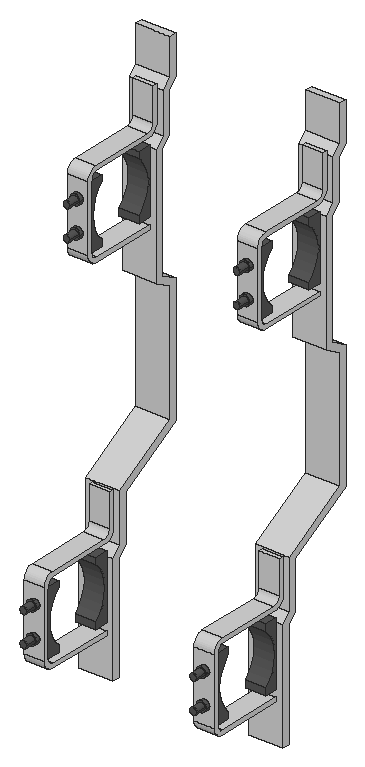
Revit family "VTc.IV130.N.0600", category Оборудование, Revit 2019
Family settings
  Размер круглого соединителя = Использовать диаметр
  Классификация = Нет
  Тип детали = Нормальный
  На основе рабочей плоскости = Да
  Всегда вертикально = Да
  При загрузке вырезать с полостями = Нет
  Общий = Нет
  Точка расчета площади = Нет
Parameters
  Пластик [instance] = Пластик
  Default Elevation = 1219.2 mm
  Изготовитель = "VALTEC"
  Группа модели = "Кронштейны для коллекторов"
  URL = "https://valtec.ru/"
  L [instance] = 100 mm
  ADSK_Позиция [instance] = ""
  ADSK_Обозначение [instance] = "VTc.IV130.N"  # constant formula
  ADSK_Наименование [instance] = "Кронштейны для коллекторов"  # constant formula
  ADSK_Материал [instance] = Нержавеющая сталь
  ADSK_Масса [instance] = 0
  ADSK_Код изделия [instance] = "VTc.IV130.N.0600"  # constant formula
  ADSK_Завод-изготовитель [instance] = Изготовитель  # "VALTEC"
  ADSK_Единица измерения [instance] = "шт."  # constant formula
  ADSK_URL страницы изделия [instance] = "https://valtec.ru/catalog/kollektornye_sistemy/komplektuyuschie_dlya_kollektorov/kronshtejny_dlya_kollektorov_vtciv130n.html"
  ADSK_URL документации изделия [instance] = "https://valtec.ru/document/technical/VTc.IV.130-0916.pdf"
Reference planes
  plane 1 "По центру (Вперед/Назад)": y = 0
  plane 2: z = 0
  plane 3 "По центру (Влево/Вправо)": x = 0
  plane 4: x = -40
  plane 5: x = -60
  plane 6: x = 40
  plane 7: x = 60
  plane 8: x = 50
  plane 9: x = -50
  plane 10: x = -56
  plane 11: x = -44
  plane 12: z = 96.5
  plane 13: z = -103.5
  plane 14: z = -121.5
  plane 15: z = 78.5
  plane 16: y = -61.5
  plane 17: y = -8
  plane 18: y = -2
  plane 19: y = -67.5
  plane 20: y = -93.598
  plane 21: y = -99.423
  plane 22: y = -40
  plane 23: y = -34
  plane 24: x = 56
  plane 25: x = 44
Forms (mm)
  Extrusion 1, solid, material "Нержавеющая сталь" <- "ADSK_Материал"
    sketch origin (0, 0, 0) x (0, 1, 0) y (0, 0, 1)
      loop
        line (0, 31.5) -> (-10, 37.274) -> (-10, 103.774) -> (-5, 108.774) -> (-5, 132.774) -> (0, 137.774) -> (0, 160.774) -> (-4, 160.774) -> (-4, 139.43) -> (-9, 134.43) -> (-9, 110.43) -> (-14, 105.43) -> (-14, 34.964) -> (-4, 29.191) -> (-4, -41.191) -> (-41, -62.553) -> (-41, -91.205) -> (-45.923, -96.129) -> (-45.923, -160.774) -> (-42, -160.774) -> (-42, -97.862) -> (-37, -92.862) -> (-37, -64.862) -> (0, -43.5) -> (0, 31.5)
    from -60 to -40
  Extrusion 2, solid, material "Нержавеющая сталь" <- "ADSK_Материал"
    sketch origin (0, 0, 0) x (0, 1, 0) y (0, 0, 1)
      loop
        line (-14, 62) -> (-14, 64.5) -> (-53, 64.5)
        arc (-53, 64.5) -> (-55.828, 65.672) -> (-57, 68.5) r 4
        line (-57, 68.5) -> (-57, 106.5)
        arc (-57, 106.5) -> (-55.828, 109.328) -> (-53, 110.5) r 4
        line (-53, 110.5) -> (-15, 110.5)
        arc (-15, 110.5) -> (-10.757, 112.257) -> (-9, 116.5) r 6
        line (-9, 116.5) -> (-9, 136.5) -> (-11.5, 136.5) -> (-11.5, 117)
        arc (-11.5, 117) -> (-12.672, 114.172) -> (-15.5, 113) r 4
        line (-15.5, 113) -> (-53.5, 113)
        arc (-53.5, 113) -> (-57.743, 111.243) -> (-59.5, 107) r 6
        line (-59.5, 107) -> (-59.5, 68)
        arc (-59.5, 68) -> (-57.743, 63.757) -> (-53.5, 62) r 6
        line (-53.5, 62) -> (-14, 62)
      loop
        line (-10, 64.507) -> (-10, 60.007) -> (-7.463, 60.007) -> (-7.463, 64.507) -> (-10, 64.507)
      loop
        line (-45.923, -138) -> (-45.923, -135.5) -> (-84.923, -135.5)
        arc (-84.923, -135.5) -> (-87.752, -134.328) -> (-88.923, -131.5) r 4
        line (-88.923, -131.5) -> (-88.923, -93.5)
        arc (-88.923, -93.5) -> (-87.752, -90.672) -> (-84.923, -89.5) r 4
        line (-84.923, -89.5) -> (-47, -89.5)
        arc (-47, -89.5) -> (-42.757, -87.743) -> (-41, -83.5) r 6
        line (-41, -83.5) -> (-41, -63.5) -> (-43.5, -63.5) -> (-43.5, -83)
        arc (-43.5, -83) -> (-44.672, -85.828) -> (-47.5, -87) r 4
        line (-47.5, -87) -> (-85.423, -87)
        arc (-85.423, -87) -> (-89.666, -88.757) -> (-91.423, -93) r 6
        line (-91.423, -93) -> (-91.423, -132)
        arc (-91.423, -132) -> (-89.666, -136.243) -> (-85.423, -138) r 6
        line (-85.423, -138) -> (-45.923, -138)
      loop
        line (-42, -135.5) -> (-42, -140) -> (-39.5, -140) -> (-39.5, -135.5) -> (-42, -135.5)
    from -56 to -44
  Extrusion 3, solid, material "Пластик" <- "Пластик"
    sketch origin (0, 0, 0) x (0, 1, 0) y (0, 0, 1)
      loop
        line (-14, 68.5) -> (-14, 106.5) -> (-21.683, 106.5) -> (-21.683, 102.644)
        arc (-21.683, 102.644) -> (-15, 87.5) -> (-21.683, 72.356) r 20.5
        line (-21.683, 72.356) -> (-21.683, 68.5) -> (-14, 68.5)
      loop
        line (-57, 68.5) -> (-49.317, 68.5) -> (-49.317, 72.356)
        arc (-49.317, 72.356) -> (-56, 87.5) -> (-49.317, 102.644) r 20.5
        line (-49.317, 102.644) -> (-49.317, 106.5) -> (-57, 106.5) -> (-57, 68.5)
      loop
        line (-45.923, -131.5) -> (-45.923, -93.5) -> (-53.607, -93.5) -> (-53.607, -97.588)
        arc (-53.607, -97.588) -> (-47.173, -112.5) -> (-53.607, -127.412) r 20.5
        line (-53.607, -127.412) -> (-53.607, -131.5) -> (-45.923, -131.5)
      loop
        line (-88.923, -131.5) -> (-81.24, -131.5) -> (-81.24, -127.644)
        arc (-81.24, -127.644) -> (-87.923, -112.5) -> (-81.24, -97.356) r 20.5
        line (-81.24, -97.356) -> (-81.24, -93.5) -> (-88.923, -93.5) -> (-88.923, -131.5)
    from -56 to -44
  Extrusion 4, solid, material "Пластик" <- "Пластик"
    sketch origin (0, 0, 0) x (1, 0, 0) y (0, 0, 1)
      loop
        circle (-50, 78.5) r 3
    from 59.5 to 61.5
  Extrusion 5, solid, material "Пластик" <- "Пластик"
    sketch origin (0, 0, 0) x (1, 0, 0) y (0, 0, 1)
      loop
        circle (-50, 78.5) r 1.984
    from 61.5 to 67.5
  Extrusion 6, solid, material "Пластик" <- "Пластик"
    sketch origin (0, 0, 0) x (1, 0, 0) y (0, 0, 1)
      loop
        circle (-50, 96.5) r 3.009
    from 59.5 to 61.5
  Extrusion 7, solid, material "Пластик" <- "Пластик"
    sketch origin (0, 0, 0) x (1, 0, 0) y (0, 0, 1)
      loop
        circle (-50, 96.5) r 2
    from 61.5 to 67.5
  Extrusion 8, solid, material "Пластик" <- "Пластик"
    sketch origin (0, 0, 0) x (1, 0, 0) y (0, 0, 1)
      loop
        circle (-50, 78.5) r 3
    from 8 to 10
  Extrusion 9, solid, material "Пластик" <- "Пластик"
    sketch origin (0, 0, 0) x (1, 0, 0) y (0, 0, 1)
      loop
        circle (-50, 78.5) r 1.984
    from 2 to 8
  Extrusion 10, solid, material "Пластик" <- "Пластик"
    sketch origin (0, 0, 0) x (1, 0, 0) y (0, 0, 1)
      loop
        circle (-50, 96.5) r 3.009
    from 8 to 10
  Extrusion 11, solid, material "Пластик" <- "Пластик"
    sketch origin (0, 0, 0) x (1, 0, 0) y (0, 0, 1)
      loop
        circle (-50, 96.5) r 2
    from 2 to 8
  Extrusion 12, solid, material "Пластик" <- "Пластик"
    sketch origin (0, 0, 0) x (1, 0, 0) y (0, 0, 1)
      loop
        circle (-50, -103.5) r 3
      loop
        circle (-50, -121.5) r 3
    from 91.423 to 93.598
  Extrusion 13, solid, material "Пластик" <- "Пластик"
    sketch origin (0, 0, 0) x (1, 0, 0) y (0, 0, 1)
      loop
        circle (-50, -103.5) r 2
      loop
        circle (-50, -121.5) r 2
    from 93.598 to 99.423
  Extrusion 14, solid, material "Пластик" <- "Пластик"
    sketch origin (0, 0, 0) x (1, 0, 0) y (0, 0, 1)
      loop
        circle (-50, -103.5) r 3
      loop
        circle (-50, -121.5) r 3
    from 40 to 42
  Extrusion 15, solid, material "Пластик" <- "Пластик"
    sketch origin (0, 0, 0) x (1, 0, 0) y (0, 0, 1)
      loop
        circle (-50, -103.5) r 2
      loop
        circle (-50, -121.5) r 2
    from 34 to 40
  Extrusion 16, solid, material "Нержавеющая сталь" <- "ADSK_Материал"
    sketch origin (0, 0, 0) x (0, 1, 0) y (0, 0, -1)
      loop
        line (0, -31.5) -> (0, 43.5) -> (-37, 64.862) -> (-37, 92.862) -> (-42, 97.862) -> (-42, 160.774) -> (-45.923, 160.774) -> (-45.923, 96.129) -> (-41, 91.205) -> (-41, 62.553) -> (-4, 41.191) -> (-4, -29.191) -> (-14, -34.964) -> (-14, -105.43) -> (-9, -110.43) -> (-9, -134.43) -> (-4, -139.43) -> (-4, -160.774) -> (0, -160.774) -> (0, -137.774) -> (-5, -132.774) -> (-5, -108.774) -> (-10, -103.774) -> (-10, -37.274) -> (0, -31.5)
    from -60 to -40
  Extrusion 17, solid, material "Нержавеющая сталь" <- "ADSK_Материал"
    sketch origin (0, 0, 0) x (0, 1, 0) y (0, 0, -1)
      loop
        line (-14, -62) -> (-53.5, -62)
        arc (-53.5, -62) -> (-57.743, -63.757) -> (-59.5, -68) r 6
        line (-59.5, -68) -> (-59.5, -107)
        arc (-59.5, -107) -> (-57.743, -111.243) -> (-53.5, -113) r 6
        line (-53.5, -113) -> (-15.5, -113)
        arc (-15.5, -113) -> (-12.672, -114.172) -> (-11.5, -117) r 4
        line (-11.5, -117) -> (-11.5, -136.5) -> (-9, -136.5) -> (-9, -116.5)
        arc (-9, -116.5) -> (-10.757, -112.257) -> (-15, -110.5) r 6
        line (-15, -110.5) -> (-53, -110.5)
        arc (-53, -110.5) -> (-55.828, -109.328) -> (-57, -106.5) r 4
        line (-57, -106.5) -> (-57, -68.5)
        arc (-57, -68.5) -> (-55.828, -65.672) -> (-53, -64.5) r 4
        line (-53, -64.5) -> (-14, -64.5) -> (-14, -62)
      loop
        line (-10, -64.507) -> (-7.463, -64.507) -> (-7.463, -60.007) -> (-10, -60.007) -> (-10, -64.507)
      loop
        line (-45.923, 138) -> (-85.423, 138)
        arc (-85.423, 138) -> (-89.666, 136.243) -> (-91.423, 132) r 6
        line (-91.423, 132) -> (-91.423, 93)
        arc (-91.423, 93) -> (-89.666, 88.757) -> (-85.423, 87) r 6
        line (-85.423, 87) -> (-47.5, 87)
        arc (-47.5, 87) -> (-44.672, 85.828) -> (-43.5, 83) r 4
        line (-43.5, 83) -> (-43.5, 63.5) -> (-41, 63.5) -> (-41, 83.5)
        arc (-41, 83.5) -> (-42.757, 87.743) -> (-47, 89.5) r 6
        line (-47, 89.5) -> (-84.923, 89.5)
        arc (-84.923, 89.5) -> (-87.752, 90.672) -> (-88.923, 93.5) r 4
        line (-88.923, 93.5) -> (-88.923, 131.5)
        arc (-88.923, 131.5) -> (-87.752, 134.328) -> (-84.923, 135.5) r 4
        line (-84.923, 135.5) -> (-45.923, 135.5) -> (-45.923, 138)
      loop
        line (-42, 135.5) -> (-39.5, 135.5) -> (-39.5, 140) -> (-42, 140) -> (-42, 135.5)
    from -56 to -44
  Extrusion 18, solid, material "Пластик" <- "Пластик"
    sketch origin (0, 0, 0) x (0, 1, 0) y (0, 0, -1)
      loop
        line (-14, -68.5) -> (-21.683, -68.5) -> (-21.683, -72.356)
        arc (-21.683, -72.356) -> (-15, -87.5) -> (-21.683, -102.644) r 20.5
        line (-21.683, -102.644) -> (-21.683, -106.5) -> (-14, -106.5) -> (-14, -68.5)
      loop
        line (-57, -68.5) -> (-57, -106.5) -> (-49.317, -106.5) -> (-49.317, -102.644)
        arc (-49.317, -102.644) -> (-56, -87.5) -> (-49.317, -72.356) r 20.5
        line (-49.317, -72.356) -> (-49.317, -68.5) -> (-57, -68.5)
      loop
        line (-45.923, 131.5) -> (-53.607, 131.5) -> (-53.607, 127.412)
        arc (-53.607, 127.412) -> (-47.173, 112.5) -> (-53.607, 97.588) r 20.5
        line (-53.607, 97.588) -> (-53.607, 93.5) -> (-45.923, 93.5) -> (-45.923, 131.5)
      loop
        line (-88.923, 131.5) -> (-88.923, 93.5) -> (-81.24, 93.5) -> (-81.24, 97.356)
        arc (-81.24, 97.356) -> (-87.923, 112.5) -> (-81.24, 127.644) r 20.5
        line (-81.24, 127.644) -> (-81.24, 131.5) -> (-88.923, 131.5)
    from -56 to -44
  Extrusion 19, solid, material "Пластик" <- "Пластик"
    sketch origin (0, 0, 0) x (-1, 0, 0) y (0, 0, -1)
      loop
        circle (-50, -78.5) r 3
    from 59.5 to 61.5
  Extrusion 20, solid, material "Пластик" <- "Пластик"
    sketch origin (0, 0, 0) x (-1, 0, 0) y (0, 0, -1)
      loop
        circle (-50, -78.5) r 1.984
    from 61.5 to 67.5
  Extrusion 21, solid, material "Пластик" <- "Пластик"
    sketch origin (0, 0, 0) x (-1, 0, 0) y (0, 0, -1)
      loop
        circle (-50, -96.5) r 3.009
    from 59.5 to 61.5
  Extrusion 22, solid, material "Пластик" <- "Пластик"
    sketch origin (0, 0, 0) x (-1, 0, 0) y (0, 0, -1)
      loop
        circle (-50, -96.5) r 2
    from 61.5 to 67.5
  Extrusion 23, solid, material "Пластик" <- "Пластик"
    sketch origin (0, 0, 0) x (-1, 0, 0) y (0, 0, -1)
      loop
        circle (-50, -78.5) r 3
    from 8 to 10
  Extrusion 24, solid, material "Пластик" <- "Пластик"
    sketch origin (0, 0, 0) x (-1, 0, 0) y (0, 0, -1)
      loop
        circle (-50, -78.5) r 1.984
    from 2 to 8
  Extrusion 25, solid, material "Пластик" <- "Пластик"
    sketch origin (0, 0, 0) x (-1, 0, 0) y (0, 0, -1)
      loop
        circle (-50, -96.5) r 3.009
    from 8 to 10
  Extrusion 26, solid, material "Пластик" <- "Пластик"
    sketch origin (0, 0, 0) x (-1, 0, 0) y (0, 0, -1)
      loop
        circle (-50, -96.5) r 2
    from 2 to 8
  Extrusion 27, solid, material "Пластик" <- "Пластик"
    sketch origin (0, 0, 0) x (-1, 0, 0) y (0, 0, -1)
      loop
        circle (-50, 103.5) r 3
      loop
        circle (-50, 121.5) r 3
    from 91.423 to 93.598
  Extrusion 28, solid, material "Пластик" <- "Пластик"
    sketch origin (0, 0, 0) x (-1, 0, 0) y (0, 0, -1)
      loop
        circle (-50, 103.5) r 2
      loop
        circle (-50, 121.5) r 2
    from 93.598 to 99.423
  Extrusion 29, solid, material "Пластик" <- "Пластик"
    sketch origin (0, 0, 0) x (-1, 0, 0) y (0, 0, -1)
      loop
        circle (-50, 103.5) r 3
      loop
        circle (-50, 121.5) r 3
    from 40 to 42
  Extrusion 30, solid, material "Пластик" <- "Пластик"
    sketch origin (0, 0, 0) x (-1, 0, 0) y (0, 0, -1)
      loop
        circle (-50, 103.5) r 2
      loop
        circle (-50, 121.5) r 2
    from 34 to 40
Dimensions and locks
  locked: Extrusion 1 sketch curve to Extrusion 1 sketch curve at 75
  locked: Extrusion 1 sketch curve to level at 31.5
  plane 1 "По центру (Вперед/Назад)" to Extrusion 1 sketch curve = 10 mm
  locked: Extrusion 1 sketch curve to Extrusion 1 sketch curve at 5  (x2)
  Extrusion 1 sketch curve to Extrusion 1 sketch curve = 24 mm
  Extrusion 1 sketch curve to Extrusion 1 sketch curve = 23 mm
  locked: Extrusion 1 sketch curve to Extrusion 1 sketch curve at 4  (x8)
  plane 1 "По центру (Вперед/Назад)" to Extrusion 1 sketch curve = 4 mm
  locked: plane 1 "По центру (Вперед/Назад)" to Extrusion 1 sketch curve at 37
  Extrusion 1 sketch curve to Extrusion 1 sketch curve = 28 mm
  plane 1 "По центру (Вперед/Назад)" to Extrusion 1 sketch curve = 42 mm
  Extrusion 1 sketch curve to Extrusion 1 sketch curve = 4 mm
  locked: Extrusion 1 sketch curve to Extrusion 1 sketch curve at 3.923
  equal spacing: Extrusion 1 sketch curve, level, Extrusion 1 sketch curve
  locked: Extrusion 1 sketch curve to Extrusion 1 sketch curve at 321.547
  locked: Extrusion 2 sketch curve to Extrusion 2 sketch curve at 51  (x2)
  locked: Extrusion 1 to Extrusion 2 sketch curve at 45.5  (x2)
  level to Extrusion 2 sketch curve = 62 mm
  locked: Extrusion 2 sketch curve to Extrusion 2 sketch curve at 2.5  (x7)
  locked: Extrusion 1 to Extrusion 2 sketch curve at 2.5
  locked: Extrusion 2 sketch curve to Extrusion 2 sketch curve at 26  (x2)
  locked: Extrusion 2 sketch curve to Extrusion 1 at 2.5
  Extrusion 2 sketch curve to Extrusion 2 sketch curve = 4.5 mm  (x2)
  Extrusion 2 sketch curve to Extrusion 1 = 2.537 mm
  locked: Extrusion 3 sketch curve to Extrusion 2 at 4  (x2)
  locked: Extrusion 2 to Extrusion 3 sketch curve at 4  (x2)
  locked: Extrusion 3 sketch curve to Extrusion 3 sketch curve at 3.856  (x4)
  Extrusion 1 to Extrusion 3 sketch curve = 7.683 mm
  locked: Extrusion 1 to Extrusion 3 sketch curve at 21.5
  locked: Extrusion 1 to Extrusion 3 sketch curve at 7.683
  locked: Extrusion 3 sketch curve to Extrusion 2 at 7.683  (x2)
  locked: Extrusion 3 sketch curve to Extrusion 3 sketch curve at 7.683  (x4)
  Extrusion 3 sketch curve to Extrusion 2 = 4 mm  (x2)
  Extrusion 2 to Extrusion 3 sketch curve = 4 mm  (x2)
  Extrusion 3 sketch curve to Extrusion 2 = 23 mm  (x2)
  Extrusion 3 sketch curve to Extrusion 3 sketch curve = 4.088 mm  (x2)
  Extrusion 3 sketch curve to Extrusion 3 sketch curve = 3.856 mm  (x2)
  Extrusion 1 to Extrusion 3 sketch curve = 21.5 mm
  Extrusion 3 sketch curve to Extrusion 2 = 21.5 mm  (x2)
  equal spacing: plane 8, plane 3 "По центру (Влево/Вправо)", plane 9
  "L": plane 8 to plane 9
  equal spacing: plane 4, plane 9, plane 5
  locked: plane 4 to plane 5 at 20
  equal spacing: plane 7, plane 8, plane 6
  locked: plane 7 to plane 6 at 20
  equal spacing: plane 11, plane 9, plane 10
  locked: plane 11 to plane 10 at 12
  Extrusion 2 sketch curve to Extrusion 1 = 24.274 mm
  locked: Extrusion 1 to Extrusion 2 sketch curve at 22.774
  locked: Extrusion 2 to plane 12 at 16.5
  locked: Extrusion 2 to plane 13 at 16.5
  locked: plane 13 to plane 14 at 18
  locked: plane 15 to plane 12 at 18
  locked: Extrusion 2 to plane 16 at 2
  locked: Extrusion 2 to plane 19 at 8
  locked: plane 17 to Extrusion 1 at 2
  locked: plane 18 to Extrusion 1 at 8
  locked: Extrusion 2 to plane 20 at 2.175
  locked: Extrusion 2 to plane 21 at 8
  locked: plane 22 to Extrusion 1 at 2
  locked: plane 23 to Extrusion 1 at 8
  locked: Extrusion 16 sketch curve to Extrusion 16 sketch curve at 75
  locked: Extrusion 16 sketch curve to Extrusion 16 sketch curve at 5  (x2)
  Extrusion 16 sketch curve to Extrusion 16 sketch curve = 24 mm
  Extrusion 16 sketch curve to Extrusion 16 sketch curve = 23 mm
  locked: Extrusion 16 sketch curve to Extrusion 16 sketch curve at 4  (x8)
  Extrusion 16 sketch curve to Extrusion 16 sketch curve = 28 mm
  Extrusion 16 sketch curve to Extrusion 16 sketch curve = 4 mm
  locked: Extrusion 16 sketch curve to Extrusion 16 sketch curve at 3.923
  Extrusion 16 sketch curve to Extrusion 16 sketch curve = 321.547 mm
  locked: Extrusion 16 sketch curve to Extrusion 16 sketch curve at 321.547
  locked: Extrusion 17 sketch curve to Extrusion 17 sketch curve at 51  (x2)
  locked: Extrusion 16 to Extrusion 17 sketch curve at 45.5  (x2)
  locked: Extrusion 17 sketch curve to Extrusion 17 sketch curve at 2.5  (x7)
  locked: Extrusion 16 to Extrusion 17 sketch curve at 2.5
  Extrusion 17 sketch curve to Extrusion 17 sketch curve = 26 mm
  locked: Extrusion 17 sketch curve to Extrusion 17 sketch curve at 26
  locked: Extrusion 17 sketch curve to Extrusion 16 at 2.5
  Extrusion 17 sketch curve to Extrusion 17 sketch curve = 4.5 mm  (x2)
  Extrusion 17 sketch curve to Extrusion 16 = 2.537 mm
  locked: Extrusion 17 to Extrusion 18 sketch curve at 4  (x2)
  locked: Extrusion 18 sketch curve to Extrusion 17 at 4  (x2)
  locked: Extrusion 18 sketch curve to Extrusion 18 sketch curve at 3.856  (x4)
  Extrusion 16 to Extrusion 18 sketch curve = 7.683 mm
  locked: Extrusion 16 to Extrusion 18 sketch curve at 21.5
  locked: Extrusion 16 to Extrusion 18 sketch curve at 7.683
  locked: Extrusion 18 sketch curve to Extrusion 17 at 7.683  (x2)
  locked: Extrusion 18 sketch curve to Extrusion 18 sketch curve at 7.683  (x4)
  Extrusion 17 to Extrusion 18 sketch curve = 4 mm  (x2)
  Extrusion 18 sketch curve to Extrusion 17 = 4 mm  (x2)
  Extrusion 17 to Extrusion 18 sketch curve = 23 mm  (x2)
  Extrusion 18 sketch curve to Extrusion 18 sketch curve = 4.088 mm  (x2)
  Extrusion 18 sketch curve to Extrusion 18 sketch curve = 3.856 mm  (x2)
  Extrusion 16 to Extrusion 18 sketch curve = 21.5 mm
  Extrusion 18 sketch curve to Extrusion 17 = 21.5 mm  (x2)
  equal spacing: plane 25, plane 8, plane 24
  locked: plane 25 to plane 24 at 12
  Extrusion 16 to Extrusion 17 sketch curve = 24.274 mm
  locked: Extrusion 17 sketch curve to Extrusion 16 at 22.774
  radius of Extrusion 3 sketch curve = 20.5 mm  (x4)
  radius of Extrusion 2 sketch curve = 6 mm  (x6)
  radius of Extrusion 2 sketch curve = 4 mm  (x6)
  diameter of Extrusion 7 sketch curve = 4 mm
  diameter of Extrusion 6 sketch curve = 6.018 mm
  diameter of Extrusion 4 sketch curve = 6 mm
  diameter of Extrusion 5 sketch curve = 3.968 mm
  diameter of Extrusion 5 = 3.968 mm
  diameter of Extrusion 6 = 6.018 mm
  diameter of Extrusion 7 = 4 mm
  diameter of Extrusion 12 sketch curve = 6 mm  (x2)
  diameter of Extrusion 13 sketch curve = 4 mm  (x2)
  diameter of Extrusion 12 = 6 mm  (x2)
  diameter of Extrusion 15 sketch curve = 4 mm  (x2)
  radius of Extrusion 18 sketch curve = 20.5 mm  (x4)
  radius of Extrusion 17 sketch curve = 6 mm  (x6)
  radius of Extrusion 17 sketch curve = 4 mm  (x6)
  diameter of Extrusion 22 sketch curve = 4 mm
  diameter of Extrusion 21 sketch curve = 6.018 mm
  diameter of Extrusion 19 sketch curve = 6 mm
  diameter of Extrusion 20 sketch curve = 3.968 mm
  diameter of Extrusion 20 = 3.968 mm
  diameter of Extrusion 21 = 6.018 mm
  diameter of Extrusion 22 = 4 mm
  diameter of Extrusion 27 sketch curve = 6 mm  (x2)
  diameter of Extrusion 28 sketch curve = 4 mm  (x2)
  diameter of Extrusion 27 = 6 mm  (x2)
  diameter of Extrusion 30 sketch curve = 4 mm  (x2)
  locked: Extrusion 1 sketch curve to plane 1 "По центру (Вперед/Назад)" (angle 60.00°)
  locked: Extrusion 1 sketch curve to Extrusion 1 sketch curve (angle 45.00°)
  angle Extrusion 1 sketch curve to Extrusion 1 sketch curve = 45.00°
  locked: plane 1 "По центру (Вперед/Назад)" to Extrusion 1 sketch curve (angle 60.00°)
  locked: Extrusion 1 sketch curve to Extrusion 1 sketch curve (angle 135.00°)
  angle Extrusion 16 sketch curve to Extrusion 16 sketch curve = 45.00°
  angle Extrusion 16 sketch curve to Extrusion 16 sketch curve = 135.00°  (x2)
  aligned and locked: level to plane 2
  aligned and locked: Extrusion 1 to plane 5
  aligned and locked: plane 4 to Extrusion 1
  aligned and locked: Extrusion 2 to plane 10
  aligned and locked: Extrusion 2 to plane 11
  aligned and locked: Extrusion 2 to Extrusion 3  (x2)
  aligned and locked: Extrusion 3 to Extrusion 2
  aligned and locked: Extrusion 3 to Extrusion 1
  aligned and locked: plane 15 to Extrusion 4 sketch curve
  aligned and locked: plane 9 to Extrusion 4 sketch curve
  aligned and locked: Extrusion 4 to Extrusion 2
  aligned and locked: Extrusion 4 to plane 16
  aligned and locked: plane 9 to Extrusion 5 sketch curve
  aligned and locked: plane 15 to Extrusion 5 sketch curve
  aligned and locked: Extrusion 5 to Extrusion 4
  aligned and locked: plane 19 to Extrusion 5
  aligned and locked: plane 9 to Extrusion 6 sketch curve
  aligned and locked: plane 12 to Extrusion 6 sketch curve
  aligned and locked: Extrusion 6 to Extrusion 2
  aligned and locked: Extrusion 4 to Extrusion 6
  aligned and locked: plane 9 to Extrusion 7 sketch curve
  aligned and locked: plane 12 to Extrusion 7 sketch curve
  aligned and locked: Extrusion 7 to Extrusion 4
  aligned and locked: plane 19 to Extrusion 7
  aligned and locked: plane 9 to Extrusion 8 sketch curve
  aligned and locked: plane 15 to Extrusion 8 sketch curve
  aligned and locked: Extrusion 8 to plane 17
  aligned and locked: Extrusion 8 to Extrusion 1
  aligned and locked: plane 9 to Extrusion 9 sketch curve
  aligned and locked: plane 15 to Extrusion 9 sketch curve
  aligned and locked: plane 17 to Extrusion 9
  aligned and locked: Extrusion 9 to plane 18
  aligned and locked: plane 9 to Extrusion 10 sketch curve
  aligned and locked: plane 12 to Extrusion 10 sketch curve
  aligned and locked: Extrusion 10 to plane 17
  aligned and locked: Extrusion 10 to Extrusion 1
  aligned and locked: plane 9 to Extrusion 11 sketch curve
  aligned and locked: plane 12 to Extrusion 11 sketch curve
  aligned and locked: plane 17 to Extrusion 11
  aligned and locked: Extrusion 11 to plane 18
  aligned and locked: plane 9 to Extrusion 12 sketch curve  (x2)
  aligned and locked: plane 13 to Extrusion 12 sketch curve
  aligned and locked: plane 14 to Extrusion 12 sketch curve
  aligned and locked: Extrusion 12 to Extrusion 2
  aligned and locked: plane 20 to Extrusion 12
  aligned and locked: plane 13 to Extrusion 13 sketch curve
  aligned and locked: plane 9 to Extrusion 13 sketch curve  (x2)
  aligned and locked: plane 14 to Extrusion 13 sketch curve
  aligned and locked: Extrusion 13 to Extrusion 12
  aligned and locked: plane 21 to Extrusion 13
  aligned and locked: plane 9 to Extrusion 14 sketch curve  (x2)
  aligned and locked: plane 13 to Extrusion 14 sketch curve
  aligned and locked: plane 14 to Extrusion 14 sketch curve
  aligned and locked: Extrusion 14 to plane 22
  aligned and locked: Extrusion 14 to Extrusion 1
  aligned and locked: plane 13 to Extrusion 15 sketch curve
  aligned and locked: plane 9 to Extrusion 15 sketch curve  (x2)
  aligned and locked: plane 14 to Extrusion 15 sketch curve
  aligned and locked: Extrusion 15 to plane 23
  aligned and locked: plane 22 to Extrusion 15
  aligned and locked: Extrusion 17 to Extrusion 18  (x3)
  aligned and locked: Extrusion 16 to Extrusion 18
  aligned and locked: Extrusion 17 to Extrusion 19
  aligned and locked: Extrusion 19 to Extrusion 20
  aligned and locked: Extrusion 17 to Extrusion 21
  aligned and locked: Extrusion 19 to Extrusion 21
  aligned and locked: Extrusion 22 to Extrusion 19
  aligned and locked: Extrusion 16 to Extrusion 23
  aligned and locked: Extrusion 16 to Extrusion 25
  aligned and locked: Extrusion 17 to Extrusion 27
  aligned and locked: Extrusion 27 to Extrusion 28
  aligned and locked: Extrusion 16 to Extrusion 29
  aligned and locked: plane 7 to Extrusion 16
  aligned and locked: Extrusion 16 to plane 6
  aligned and locked: Extrusion 17 to plane 24
  aligned and locked: Extrusion 17 to plane 25
  aligned and locked: plane 8 to Extrusion 19 sketch curve
  aligned and locked: plane 15 to Extrusion 19 sketch curve
  aligned and locked: plane 8 to Extrusion 23 sketch curve
  aligned and locked: plane 15 to Extrusion 23 sketch curve
  aligned and locked: plane 8 to Extrusion 20 sketch curve
  aligned and locked: plane 15 to Extrusion 20 sketch curve
  aligned and locked: plane 8 to Extrusion 24 sketch curve
  aligned and locked: plane 15 to Extrusion 24 sketch curve
  aligned and locked: plane 8 to Extrusion 21 sketch curve
  aligned and locked: plane 12 to Extrusion 21 sketch curve
  aligned and locked: plane 8 to Extrusion 25 sketch curve
  aligned and locked: plane 12 to Extrusion 25 sketch curve
  aligned and locked: plane 8 to Extrusion 22 sketch curve
  aligned and locked: plane 12 to Extrusion 22 sketch curve
  aligned and locked: plane 8 to Extrusion 26 sketch curve
  aligned and locked: plane 12 to Extrusion 26 sketch curve
  aligned and locked: plane 8 to Extrusion 27 sketch curve  (x2)
  aligned and locked: plane 13 to Extrusion 27 sketch curve
  aligned and locked: plane 8 to Extrusion 29 sketch curve  (x2)
  aligned and locked: plane 13 to Extrusion 29 sketch curve
  aligned and locked: plane 8 to Extrusion 28 sketch curve  (x2)
  aligned and locked: plane 13 to Extrusion 28 sketch curve
  aligned and locked: plane 8 to Extrusion 30 sketch curve  (x2)
  aligned and locked: plane 13 to Extrusion 30 sketch curve
  aligned and locked: plane 14 to Extrusion 27 sketch curve
  aligned and locked: plane 14 to Extrusion 29 sketch curve
  aligned and locked: plane 14 to Extrusion 28 sketch curve
  aligned and locked: plane 14 to Extrusion 30 sketch curve
Automatic sketch dimensions
  Extrusion 1 sketch curve to plane 1 "По центру (Вперед/Назад)" = 0 mm
  plane 22 to Extrusion 2 sketch curve = 7.5 mm
  plane 22 to Extrusion 2 sketch curve = 5.923 mm
  plane 22 to Extrusion 2 sketch curve = 2 mm
  Extrusion 2 sketch curve to Extrusion 2 sketch curve = 0.5 mm
  plane 17 to Extrusion 2 sketch curve = 6 mm
  plane 17 to Extrusion 2 sketch curve = 2 mm
  Extrusion 2 sketch curve to Extrusion 2 sketch curve = 4.5 mm
  Extrusion 2 sketch curve to Extrusion 2 sketch curve = 1.993 mm
  plane 19 to Extrusion 3 sketch curve = 0.173 mm
  plane 16 to Extrusion 3 sketch curve = 4.5 mm
  plane 17 to Extrusion 3 sketch curve = 6 mm
  Extrusion 12 sketch curve to plane 9 = 0 mm
  Extrusion 16 sketch curve to plane 1 "По центру (Вперед/Назад)" = 0 mm  (x2)
  Extrusion 16 sketch curve to plane 22 = 3 mm
  plane 22 to Extrusion 16 sketch curve = 2 mm
  plane 18 to Extrusion 16 sketch curve = 2 mm
  plane 12 to Extrusion 16 sketch curve = 64.274 mm
  level to Extrusion 16 sketch curve = 37.274 mm
  Extrusion 16 sketch curve to Extrusion 16 sketch curve = 2.309 mm  (x2)
  plane 22 to Extrusion 17 sketch curve = 7.5 mm
  plane 22 to Extrusion 17 sketch curve = 5.923 mm
  plane 22 to Extrusion 17 sketch curve = 2 mm
  Extrusion 17 sketch curve to Extrusion 17 sketch curve = 0.5 mm
  plane 17 to Extrusion 17 sketch curve = 6 mm
  plane 17 to Extrusion 17 sketch curve = 2 mm
  plane 15 to Extrusion 17 sketch curve = 18.493 mm
  Extrusion 17 sketch curve to Extrusion 17 sketch curve = 1.993 mm
  Extrusion 17 sketch curve to Extrusion 17 sketch curve = 0 mm
  plane 19 to Extrusion 18 sketch curve = 0.173 mm
  plane 16 to Extrusion 18 sketch curve = 4.5 mm
  plane 17 to Extrusion 18 sketch curve = 6 mm
  radius of Extrusion 8 sketch curve = 3 mm
  radius of Extrusion 9 sketch curve = 1.984 mm
  radius of Extrusion 10 sketch curve = 3.009 mm
  radius of Extrusion 11 sketch curve = 2 mm
  radius of Extrusion 14 sketch curve = 3 mm  (x2)
  radius of Extrusion 23 sketch curve = 3 mm
  radius of Extrusion 24 sketch curve = 1.984 mm
  radius of Extrusion 25 sketch curve = 3.009 mm
  radius of Extrusion 26 sketch curve = 2 mm
  radius of Extrusion 29 sketch curve = 3 mm  (x2)
